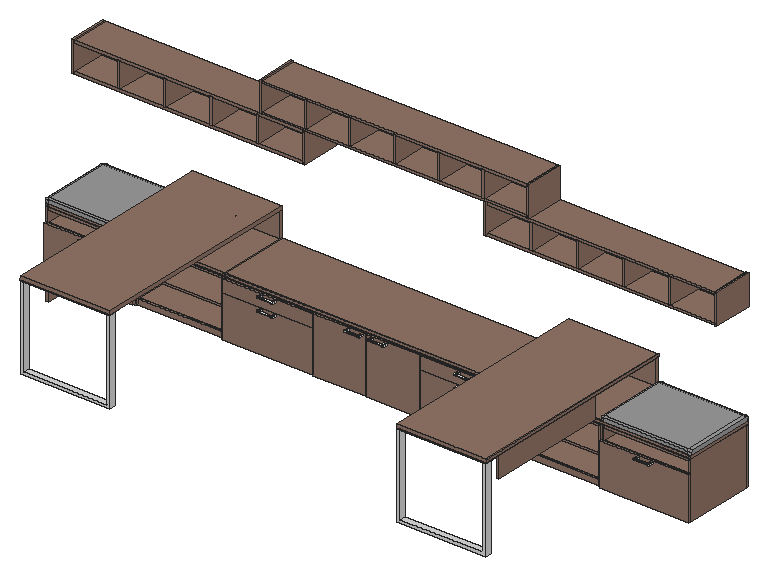
Revit family "JSI-Vision-Typical_Veneer-VSV111", category Furniture, Revit 2020
Family settings
  OmniClass Number = 23.40.20.00
  OmniClass Title = General Furniture and Specialties
  Work Plane-Based = No
  Always vertical = Yes
  Cut with Voids When Loaded = No
  Shared = No
  Room Calculation Point = No
Parameters (values of type "VSV111")
  URL = "www.jsifurniture.com"
  Type Comments = "Typical Veneer"  # constant formula
  Model = "VSV111"
  Manufacturer = "JSI"  # constant formula
  Keynote = "12500"
  Default Elevation = 0"
  Assembly Code = "E2020200"
Reference planes (in)
  plane 1 "Center Front/Back": y = 0
  plane 2: z = 0
  plane 3 "Center Left/Right": x = 0
Dimensions and locks (in)
  aligned and locked: level to plane 2
Nested families (in)
  nested 1: "JSI-Vision-Bench_Height_Cushion" at (-108, -0.00381, 0.5406), type "VSB2430CUSH, 24d Bench H Cushion, 30 W"
    with Width 30"
  nested 2: "JSI-Vision-Wall_Mount_Cubby" at (-108.125, 0.129, -7.85025), type "VSV1078WCU, Veneer Wall Mount Cubby 10" x 78""
    with Overall Height 72", Verticall Partition Distance 15.45", Ver. Partition Start Distance 15.45", Unit Centre 39", Width 78", Overhead Height 0.0684", Height 10.056", Depth 12.996", # of Vertical Partition 4
  nested 3: "JSI-Vision-Rectangle_Desk_Top" at (-48, 0, -1.6464) x (0, -1, 0) z (0, 0, 1), type "VSV3072MCT, Veneer Rectangular Desk Top, 30" x 72""
    with Width 72"
  nested 4: "JSI-Vision_Bench_Height_T_Sup" at (84.25163, -10.75, 20.0406), type "VSVB1030TSP, Veneer 30  Bench Height T Supports"
  nested 5: "JSI-Vision-Single Door_Modular_Bench_Pedestal" at (-18, -0.75, 0), type "VSVB2418MHL, Sngl Door Modular Bench Ped Left"
  nested 6: "JSI-Vision-Single Door_Modular_Bench_Pedestal" at (0, -0.75, 0), type "VSVB2418MHR, Sngl Door Modular Bench Ped Right"
  nested 7: "JSI-Vision-Box_File_Modular_Bench_Pedestal" at (-48, -0.75, 0), type "VSVB2430MBF - Veneer BF Modular Bench H Ped"
    with Width 30", Height 18.744", Depth 24"
  nested 8: "JSI-Vision-Open_Shelf_File_Modular_Bench_Pedestal" at (-108, -0.75, 0), type "VSVB2430MOF, Veneer OF Modular Bench H Ped"
    with Width 30", Height 18.744", Depth 24"
  nested 9: "JSI-Vision-Open_Shelf_Modular_Bench_Pedestal" at (-78, -0.75, 0), type "VSVB2430MOS, Veneer OS Modular Bench H Ped"
    with Width 30", Height 18.744", Depth 24"
  nested 10: "JSI-Vision-Bench_Height_Modular_Top" at (-108, 0, -0.6469), type "VSVB2460MT, Veneer Mod Bench H Top, 24" x 60""
    with Width 60", Depth 24"
  nested 11: "JSI-Vision-Bench_Height_Modular_Top" at (-48, 0, -0.756), type "VSVB2496MT, Veneer Mod Bench H Top, 24" x 96""
    with Width 96", Depth 24"
  nested 12: "JSI-Vision-Box_File_Modular_Bench_Pedestal" at (48, -0.75, 0) x (-1, 0, 0) z (0, 0, 1), type "VSVB2430MBF - Veneer BF Modular Bench H Ped"
    with Width 30", Height 18.744", Depth 24"
  nested 13: "JSI-Vision-Open_Shelf_File_Modular_Bench_Pedestal" at (108, -0.75, 0) x (-1, 0, 0) z (0, 0, 1), type "VSVB2430MOF, Veneer OF Modular Bench H Ped"
    with Width 30", Height 18.744", Depth 24"
  nested 14: "JSI-Vision-Open_Shelf_Modular_Bench_Pedestal" at (78, -0.75, 0) x (-1, 0, 0) z (0, 0, 1), type "VSVB2430MOS, Veneer OS Modular Bench H Ped"
    with Width 30", Height 18.744", Depth 24"
  nested 15: "JSI-Vision_Bench_Height_T_Sup" at (-84.25163, -10.75, 20.0406) x (-1, 0, 0) z (0, 0, 1), type "VSVB1030TSP, Veneer 30  Bench Height T Supports"
  nested 16: "JSI-Vision-Bench_Height_Modular_Top" at (108, 0, -0.6469) x (-1, 0, 0) z (0, 0, 1), type "VSVB2460MT, Veneer Mod Bench H Top, 24" x 60""
    with Width 60", Depth 24"
  nested 17: "JSI-Vision-Rectangle_Desk_Top" at (48, 0, -1.6464) x (0, -1, 0) z (0, 0, 1), type "VSV3072MCT, Veneer Rectangular Desk Top, 30" x 72""
    with Width 72"
  nested 18: "JSI-Vision-Bench_Height_Cushion" at (108, -0.00381, 0.5406) x (-1, 0, 0) z (0, 0, 1), type "VSB2430CUSH, 24d Bench H Cushion, 30 W"
    with Width 30"
  nested 19: "JSI-Vision-Wall_Mount_Cubby" at (108.125, 0.129, -7.85025) x (-1, 0, 0) z (0, 0, 1), type "VSV1078WCU, Veneer Wall Mount Cubby 10" x 78""
    with Overall Height 72", Verticall Partition Distance 15.45", Ver. Partition Start Distance 15.45", Unit Centre 39", Width 78", Overhead Height 0.0684", Height 10.056", Depth 12.996", # of Vertical Partition 4
  nested 20: "JSI-Vision-Wall_Mount_Cubby" at (-45.125, 0.129, 2.24425), type "VSV1090WCU, Veneer Wall Mount Cubby 10" x 90""
    with Overall Height 72", Verticall Partition Distance 14 7/8", Ver. Partition Start Distance 14 7/8", Unit Centre 45", Width 90", Overhead Height 0.066", Height 10.032", Depth 12.996", # of Vertical Partition 5
  nested 21: "JSI-Vision-Metal_Rectangular_Base" at (-48.09375, -71, 0) x (0, -1, 0) z (0, 0, 1), type "VSB3028FSQ, Metal Rectangular Base for Peninsula 28 5/16"H"
  nested 22: "JSI-Vision-Metal_Rectangular_Base" at (77.90625, -71, 0) x (0, -1, 0) z (0, 0, 1), type "VSB3028FSQ, Metal Rectangular Base for Peninsula 28 5/16"H"
  nested 23: "JSI-Vision-Support_Rail_Work_Surface" at (-71, -64.00599, 0.54138) x (0, 1, 0) z (0, 0, 1), type "GP0255SB, Metal Support Rail for Work Surface  2W 55 L 3/4H"
  nested 24: "JSI-Vision-Support_Rail_Work_Surface" at (-55, -64.00599, 0.54138) x (0, 1, 0) z (0, 0, 1), type "GP0255SB, Metal Support Rail for Work Surface  2W 55 L 3/4H"
  nested 25: "JSI-Vision-Support_Rail_Work_Surface" at (71, -64.00599, 0.54138) x (0, 1, 0) z (0, 0, 1), type "GP0255SB, Metal Support Rail for Work Surface  2W 55 L 3/4H"
  nested 26: "JSI-Vision-Support_Rail_Work_Surface" at (55, -64.00599, 0.54138) x (0, 1, 0) z (0, 0, 1), type "GP0255SB, Metal Support Rail for Work Surface  2W 55 L 3/4H"
  nested 27: "JSI-Vision-Adj_Bridge_Modesty" at (-75.75, -64.00599, -0.4589) x (0, 1, 0) z (0, 0, 1), type "VSV0940TDM, Modesty for Adj Bridge, 40"W"
  nested 28: "JSI-Vision-Adj_Bridge_Modesty" at (75.75, -64.00599, -0.4589) x (0, 1, 0) z (0, 0, 1), type "VSV0940TDM, Modesty for Adj Bridge, 40"W"
  nested 29: "JSI-Vision-Filler_Back_Panel_for_Bench_Height" at (-108, 0, 0), type "VSVB0419MBK, Filler Back Panel for Bench Height 18 3/4"H, 4"W"
    with Height 18 27/32"
  nested 30: "JSI-Vision-Filler_Back_Panel_for_Bench_Height" at (104, 0, 0), type "VSVB0419MBK, Filler Back Panel for Bench Height 18 3/4"H, 4"W"
    with Height 18 27/32"
Definition of nested family "JSI-Vision-Bench_Height_Cushion"
  Parameters (values of type "Type Catalog")
    Width = 36"
    URL = "www.jsifurniture.com"
    Type Comments = ""
    Series = "Vision Casegoods"  # constant formula
    Model = "Type Catalog"
    Material = ""
    Manufacturer = "JSI"  # constant formula
    Keynote = "12500"
    JSI Enviromental Website = "http://www.jsifurniture.com/jsi_sustainability_intro.php"
    Height = 1 1/2"
    Description = "Type Catalog"
    Depth = 24"
    Default Elevation = 0"
    Cushion Finish = none
    Bench Height = 19 1/2"
    Assembly Code = "E2020200"
  Reference planes (in)
    plane 1 "Center Front/Back": y = 0
    plane 2: z = 0
    plane 3 "Center Left/Right": x = 0
    plane 4: z = 0
    plane 5: z = 19.5
    plane 6: z = 21
    plane 7: z = 20.625
    plane 8: x = 36
    plane 9: y = -24
  Forms (in)
    Sweep 1, solid, material <- "Cushion Finish"
      path origin (7.5, 51.481, 49.125) x (0, 1, 0) y (0, 0, 1)
        loop
          line (-51.481, -29.625) -> (-51.481, -28.5625)
          arc (-51.481, -28.5625) -> (-51.60914, -28.25314) -> (-51.9185, -28.125) r 0.4375
          line (-51.9185, -28.125) -> (-75.0435, -28.125)
          arc (-75.0435, -28.125) -> (-75.35286, -28.25314) -> (-75.481, -28.5625) r 0.4375
          line (-75.481, -28.5625) -> (-75.481, -29.625)
      profile origin (7.5, -12, 21) x (0, 0, -1) y (1, 0, 0)
        loop
          line (0.375, -7.5) -> (0.375, 28.5)
          spline (0.375, 28.5) -> (0.32605, 28.49144) -> (0.27794, 28.46593) -> (0.23149, 28.42388) -> (0.1875, 28.36603) -> (0.14671, 28.29335) -> (0.10983, 28.20711) -> (0.07749, 28.10876) -> (0.05024, 28) -> (0.02855, 27.88268) -> (0.01278, 27.75882) -> (0.00321, 27.63053) -> (0, 27.5)
          line (0, 27.5) -> (0, -6.5)
          spline (0, -6.5) -> (0.00321, -6.63053) -> (0.01278, -6.75882) -> (0.02855, -6.88268) -> (0.05024, -7) -> (0.07749, -7.10876) -> (0.10983, -7.20711) -> (0.14671, -7.29335) -> (0.1875, -7.36603) -> (0.23149, -7.42388) -> (0.27794, -7.46593) -> (0.32605, -7.49144) -> (0.375, -7.5)
    Extrusion 2, solid, material <- "Cushion Finish"
      sketch origin (7.5, 51.481, 49.125) x (0, 1, 0) y (0, 0, 1)
        loop
          line (-51.856, -29.625) -> (-51.856, -28.5625)
          arc (-51.856, -28.5625) -> (-51.87431, -28.51831) -> (-51.9185, -28.5) r 0.0625
          line (-51.9185, -28.5) -> (-75.0435, -28.5)
          arc (-75.0435, -28.5) -> (-75.0877, -28.51831) -> (-75.106, -28.5625) r 0.0625
          line (-75.106, -28.5625) -> (-75.106, -29.625) -> (-51.856, -29.625)
      from -7.5 to 28.5
  Lines and regions (in)
    symbolic lines
      curve 1: line (36, -0.375, 0) -> (36, -23.625, 0)
      curve 2: line (35, -24, 0) -> (1, -24, 0)
      curve 3: spline (0, -23.625, 0) -> (0.00856, -23.67395, 0) -> (0.03407, -23.72206, 0) -> (0.07612, -23.76851, 0) -> (0.13397, -23.8125, 0) -> (0.20665, -23.85329, 0) -> (0.29289, -23.89017, 0) -> (0.39124, -23.92251, 0) -> (0.5, -23.94976, 0) -> (0.61732, -23.97145, 0) -> (0.74118, -23.98722, 0) -> (0.86947, -23.99679, 0) -> (1, -24, 0)
      curve 4: spline (36, -23.625, 0) -> (35.99144, -23.67395, 0) -> (35.96593, -23.72206, 0) -> (35.92388, -23.76851, 0) -> (35.86603, -23.8125, 0) -> (35.79335, -23.85329, 0) -> (35.70711, -23.89017, 0) -> (35.60876, -23.92251, 0) -> (35.5, -23.94976, 0) -> (35.38268, -23.97145, 0) -> (35.25882, -23.98722, 0) -> (35.13053, -23.99679, 0) -> (35, -24, 0)
      curve 5: line (1, 0, 0) -> (35, 0, 0)
      curve 6: spline (36, -0.375, 0) -> (35.99144, -0.32605, 0) -> (35.96593, -0.27794, 0) -> (35.92388, -0.23149, 0) -> (35.86603, -0.1875, 0) -> (35.79335, -0.14671, 0) -> (35.70711, -0.10983, 0) -> (35.60876, -0.07749, 0) -> (35.5, -0.05024, 0) -> (35.38268, -0.02855, 0) -> (35.25882, -0.01278, 0) -> (35.13053, -0.00321, 0) -> (35, 0, 0)
      curve 7: spline (0, -0.375, 0) -> (0.00856, -0.32605, 0) -> (0.03407, -0.27794, 0) -> (0.07612, -0.23149, 0) -> (0.13397, -0.1875, 0) -> (0.20665, -0.14671, 0) -> (0.29289, -0.10983, 0) -> (0.39124, -0.07749, 0) -> (0.5, -0.05024, 0) -> (0.61732, -0.02855, 0) -> (0.74118, -0.01278, 0) -> (0.86947, -0.00321, 0) -> (1, 0, 0)
      curve 8: line (0, -0.375, 0) -> (0, -23.625, 0)
  Dimensions and locks (in)
    "Height": plane 6 to plane 5
    locked: plane 7 to plane 5 at 1.125
    "Bench Height": plane 5 to level
    "Width": plane 3 "Center Left/Right" to plane 8
    "Depth": plane 1 "Center Front/Back" to plane 9
    locked: Sweep 1 sketch curve to plane 3 "Center Left/Right" at 1
    locked: Sweep 1 sketch curve to plane 8 at 1
    aligned and locked: level to plane 2
    aligned and locked: level to plane 4
    aligned and locked: Sweep 1 to plane 5
    aligned and locked: Extrusion 2 to Sweep 1  (x3)
    aligned and locked: Extrusion 2 to plane 3 "Center Left/Right"
    aligned and locked: Extrusion 2 to plane 8
    aligned and locked: plane 1 "Center Front/Back" to Sweep 1 sketch curve
    aligned and locked: plane 9 to Sweep 1 sketch curve
    aligned and locked: Sweep 1 sketch curve to plane 6
  Automatic sketch dimensions
    Sweep 1 sketch curve to plane 5 = 0"  (x2)
    Sweep 1 sketch curve to plane 7 = 1/16"
    plane 1 "Center Front/Back" to Sweep 1 sketch curve = 7/16"
    Sweep 1 sketch curve to profile plane = 0"
    Sweep 1 sketch curve to profile plane = 3/8"
    Sweep 1 sketch curve to Sweep 1 sketch curve = 1"  (x2)
    Extrusion 2 sketch curve to plane 5 = 0"
    Extrusion 2 sketch curve to plane 7 = 0"
    plane 9 to Extrusion 2 sketch curve = 3/8"
    Extrusion 2 sketch curve to plane 7 = 1/16"
    plane 1 "Center Front/Back" to Extrusion 2 sketch curve = 7/16"
    plane 1 "Center Front/Back" to Extrusion 2 sketch curve = 3/8"
    curve 3 to plane 3 "Center Left/Right" = 0"
    curve 3 to plane 9 = 0"
    plane 1 "Center Front/Back" to curve 7 = 0"
    curve 4 to plane 8 = 0"
    plane 3 "Center Left/Right" to curve 2 = 1"
    plane 3 "Center Left/Right" to curve 5 = 1"
    plane 8 to curve 5 = 1"
    plane 8 to curve 2 = 1"
    plane 9 to curve 1 = 3/8"
    plane 1 "Center Front/Back" to curve 1 = 3/8"
    plane 9 to curve 3 = 3/8"
    plane 1 "Center Front/Back" to curve 8 = 3/8"
Definition of nested family "JSI-Vision-Wall_Mount_Cubby"
  Parameters (values of type "Type Catalog")
    Verticall Partition Distance = if(Width > 47", ((Width - 3/4" - 3/4" - (# of Vertical Partition * 3/4")) / (# of Vertical Partition + 1) + 3/4"), 0")  # 17 3/4"
    Ver. Partition Start Distance = if(Width < 48", (Unit Centre - 3/8"), Verticall Partition Distance)  # 17 3/4"
    Unit Centre = Width / 2  # 27"
    Width = 54"
    URL = "www.jsifurniture.com"
    Type Comments = ""
    Tag = "Open"
    Series = "Vision Casegoods"  # constant formula
    Overhead Height = 1/16"
    Overall Height [instance] = 72"
    Model = "Type Catalog"
    Material = ""
    Manufacturer = "JSI"  # constant formula
    Keynote = "12500"
    JSI Enviromental Website = "http://www.svxfurniture.com/svx_sustainability_intro.php"
    Height = 10"
    Description = "Type Catalog"
    Depth = 13"
    Default Elevation = 0"
    Chassis = none
    Assembly Code = "E2020200"
    # of Vertical Partition = if(Width > 89", 5, (if(Width > 77", 4, (if(Width > 59", 3, (if(Width > 47", 2, 2)))))))  # 2
  Reference planes (in)
    plane 1 "Center Front/Back": y = 0
    plane 2: z = 0
    plane 3 "Center Left/Right": x = 0
    plane 4: z = 0
    plane 5: y = -0.125
    plane 6: x = 54.25
    plane 7: x = 0.125
    plane 8: x = 54.125
    plane 9: y = -13.21875
    plane 10: z = 72
    plane 11: x = 0.875
    plane 12: x = 53.375
    plane 13: y = -0.9375
    plane 14: y = -1.6875
    plane 15: z = 71.1875
    plane 16: z = 61.9375
    plane 17: z = 62.6875
    plane 18: z = 61.90625
    plane 19: z = 66
    plane 20: z = 68.1875
    plane 21: z = 69
    plane 22: x = 1.5
    plane 23: x = 52.75
    plane 24: y = -13.125
    plane 25: x = 27.125
    plane 26: z = 71.9375
    plane 27: z = 71.90625
    plane 28: x = 17.875
    plane 29: x = 18.25
    plane 30: x = 18.625
    plane 31: x = 0.5
    plane 32: x = 53.75
  Forms (in)
    Extrusion 1, solid, material <- "Chassis"
      sketch origin (0, 0, 0) x (1, 0, 0) y (0, 1, 0)
        loop
          line (0.125, -0.125) -> (0.125, -13.21875) -> (0.875, -13.21875) -> (0.875, -0.125) -> (0.125, -0.125)
      from 61.90625 to 72
    Extrusion 2, solid, material <- "Chassis"
      sketch origin (0, 0, 0) x (1, 0, 0) y (0, 1, 0)
        loop
          line (54.125, -0.125) -> (53.375, -0.125) -> (53.375, -13.21875) -> (54.125, -13.21875) -> (54.125, -0.125)
      from 61.90625 to 72
    Extrusion 3, solid, material <- "Chassis"
      sketch origin (0, 0, 0) x (1, 0, 0) y (0, 0, 1)
        loop
          line (0.875, 71.9375) -> (0.875, 71.1875) -> (53.375, 71.1875) -> (53.375, 71.9375) -> (0.875, 71.9375)
      from 0.125 to 13.125
    Extrusion 4, solid, material <- "Chassis"
      sketch origin (0, 0, 0) x (1, 0, 0) y (0, 0, 1)
        loop
          line (0.875, 62.6875) -> (0.875, 61.9375) -> (53.375, 61.9375) -> (53.375, 62.6875) -> (0.875, 62.6875)
      from 1.6875 to 13.125
    Extrusion 5, solid, material <- "Chassis"
      sketch origin (130.61992, -0.9375, 48) x (1, 0, 0) y (0, 0, 1)
        loop
          line (-129.74492, 23.1875) -> (-129.74492, 13.9375) -> (-77.24492, 13.9375) -> (-77.24492, 23.1875) -> (-129.74492, 23.1875)
      from 0 to 0.75
    Extrusion 6, solid, material <- "Chassis"
      sketch origin (1.5, -180, 96) x (0, 0, 1) y (0, -1, 0)
        loop
          line (-24.8125, -179.875) -> (-24.8125, -179.0625) -> (-27, -179.0625) -> (-27.8125, -179.875) -> (-24.8125, -179.875)
      from -0.625 to 51.875
    Extrusion 7, solid, material <- "Chassis"
      sketch origin (1.5, -180, 96) x (0, 0, 1) y (0, -1, 0)
        loop
          line (-27, -179.0625) -> (-30, -179.0625) -> (-30, -179.875) -> (-27.8125, -179.875) -> (-27, -179.0625)
      from 0 to 51.25
    Extrusion 8, solid, material <- "Chassis"
      sketch origin (136.18242, -1.6875, 79.90625) x (1, 0, 0) y (0, 0, 1)
        loop
          line (-118.30742, -8.71875) -> (-118.30742, -17.21875) -> (-117.55742, -17.21875) -> (-117.55742, -8.71875) -> (-118.30742, -8.71875)
      from 0 to 11.4375
    Extrusion 9, solid, material <- "Chassis"
      sketch origin (153.93242, -1.6875, 79.90625) x (1, 0, 0) y (0, 0, 1)
        loop
          line (-118.30742, -8.71875) -> (-118.30742, -17.21875) -> (-117.55742, -17.21875) -> (-117.55742, -8.71875) -> (-118.30742, -8.71875)
      from 0 to 11.4375
  Lines and regions (in)
    symbolic lines
      curve 1: line (54.125, -0.125, 0) -> (0.125, -0.125, 0)
      curve 2: line (0.125, -0.125, 0) -> (0.125, -13.21875, 0)
      curve 3: line (54.125, -13.21875, 0) -> (54.125, -0.125, 0)
      curve 4: line (0.125, -13.21875, 0) -> (54.125, -13.21875, 0)
  Dimensions and locks (in)
    locked: plane 3 "Center Left/Right" to plane 7 at 0.125
    locked: plane 8 to plane 6 at 0.125
    locked: plane 5 to plane 1 "Center Front/Back" at 0.125
    locked: plane 7 to plane 11 at 0.75
    locked: plane 12 to plane 8 at 0.75
    plane 14 to plane 13 to plane 5 = 3/4" locked, 13/16" locked
    plane 10 to plane 26 to plane 15 = 1/16" locked, 3/4" locked
    plane 17 to plane 16 to plane 18 = 3/4" locked, 1/32" locked
    locked: plane 11 to plane 22 at 0.625
    locked: plane 23 to plane 12 at 0.625
    plane 15 to plane 21 to plane 20 to plane 19 = 2 3/16" locked, 13/16" locked, 2 3/16" locked
    locked: plane 9 to plane 24 at 0.09375
    "Depth": plane 24 to plane 5
    "Width": plane 7 to plane 8
    "Unit Centre": plane 7 to plane 25
    locked: plane 10 to plane 27 at 0.09375
    "Height": plane 27 to plane 18
    plane 28 to plane 29 to plane 30 = 3/8" locked, 3/8" locked
    locked: plane 7 to plane 31 at 0.375
    locked: plane 32 to plane 8 at 0.375
    group 1 to group 2 = 17 3/4"
    group 1 to group 2 = 0"  (x2)
    "Verticall Partition Distance": Extrusion 8 to Extrusion 9
    "Ver. Partition Start Distance": plane 11 to plane 30
    "Overall Height": plane 10 to level
    aligned and locked: level to plane 2
    aligned and locked: plane 5 to Extrusion 1 sketch curve
    aligned and locked: plane 7 to Extrusion 1 sketch curve
    aligned and locked: Extrusion 1 sketch curve to plane 11
    aligned and locked: Extrusion 2 sketch curve to plane 5
    aligned and locked: plane 8 to Extrusion 2 sketch curve
    aligned and locked: Extrusion 2 sketch curve to plane 12
    aligned and locked: plane 9 to Extrusion 1
    aligned and locked: plane 9 to Extrusion 2
    aligned and locked: Extrusion 4 sketch curve to plane 17
    aligned and locked: plane 11 to Extrusion 4 sketch curve
    aligned and locked: plane 16 to Extrusion 4 sketch curve
    aligned and locked: Extrusion 4 sketch curve to plane 12
    aligned and locked: Extrusion 4 to plane 14
    aligned and locked: Extrusion 1 to Extrusion 5 sketch curve
    aligned and locked: Extrusion 2 to Extrusion 5 sketch curve
    aligned and locked: Extrusion 1 to plane 18
    aligned and locked: Extrusion 2 to plane 18
    aligned and locked: plane 5 to Extrusion 6 sketch curve
    aligned and locked: Extrusion 6 sketch curve to plane 13
    aligned and locked: Extrusion 6 sketch curve to plane 15
    aligned and locked: plane 20 to Extrusion 6 sketch curve
    aligned and locked: plane 21 to Extrusion 6 sketch curve
    aligned and locked: Extrusion 6 to plane 11
    aligned and locked: plane 12 to Extrusion 6
    aligned and locked: Extrusion 7 sketch curve to Extrusion 6
    aligned and locked: Extrusion 7 sketch curve to plane 5
    aligned and locked: plane 13 to Extrusion 7 sketch curve
    aligned and locked: Extrusion 7 sketch curve to plane 19
    aligned and locked: plane 21 to Extrusion 7 sketch curve
    aligned and locked: plane 20 to Extrusion 7 sketch curve
    aligned and locked: Extrusion 7 to plane 22
    aligned and locked: plane 23 to Extrusion 7
    aligned and locked: plane 9 to nested 1
    aligned and locked: plane 10 to Extrusion 1
    aligned and locked: plane 10 to Extrusion 2
    aligned and locked: plane 26 to Extrusion 3
    aligned and locked: Extrusion 3 to plane 15
    aligned and locked: plane 24 to Extrusion 3
    aligned and locked: plane 24 to Extrusion 4
    aligned and locked: Extrusion 5 to plane 16
    aligned and locked: Extrusion 3 to plane 5
    aligned and locked: Extrusion 8 to plane 14
    aligned and locked: plane 24 to Extrusion 8
    aligned and locked: plane 30 to Extrusion 8
    aligned and locked: Extrusion 8 to plane 28
    aligned and locked: plane 15 to Extrusion 8
    aligned and locked: plane 15 to Extrusion 9
    aligned and locked: plane 25 to nested 1
  Automatic sketch dimensions
    Extrusion 3 sketch curve to plane 8 = 3/4"
    Extrusion 3 sketch curve to plane 15 = 0"
    plane 9 to Extrusion 2 sketch curve = 0"
    plane 9 to Extrusion 1 sketch curve = 0"
    curve 2 to plane 7 = 0"
    plane 5 to curve 3 = 0"
    curve 3 to plane 8 = 0"
    plane 9 to curve 4 = 0"
    plane 7 to Extrusion 3 sketch curve = 3/4"
    plane 15 to Extrusion 5 sketch curve = 0"
    Extrusion 3 sketch curve to plane 10 = 1/16"
    Extrusion 8 sketch curve to Extrusion 8 sketch curve = 3/4"
    Extrusion 8 sketch curve to Extrusion 8 sketch curve = 8 1/2"
    Extrusion 9 sketch curve to Extrusion 9 sketch curve = 3/4"
    Extrusion 9 sketch curve to Extrusion 9 sketch curve = 8 1/2"
    Extrusion 5 sketch curve to plane 16 = 0"
  Nested families (in)
    nested 1: "Label 1-16 OH" at (27.125, -13.21875, 0), type "OH DOORS"
  Definition of nested family "Label 1-16 OH"
    Parameters
      Width = 1"
      Model Name = "XX"
    Reference planes (in)
      plane 1: y = 0
      plane 2: x = 0
    Text (in)
      label "XX" at (0.00051, -0.12324, 0), shows "Model Name"
Definition of nested family "JSI-Vision-Rectangle_Desk_Top"
  Parameters (values of type "Type Catalog")
    Worksurface = none
    Width = 42"
    URL = "www.jsifurniture.com"
    Type Comments = ""
    Series = "Vision Casegoods"  # constant formula
    Model = "Type Catalog"
    Material = ""
    Manufacturer = "JSI"  # constant formula
    Keynote = "12500"
    JSI Enviromental Website = "http://www.jsifurniture.com/jsi_sustainability_intro.php"
    Height = 30"
    Description = "Type Catalog"
    Depth = 30"
    Default Elevation = 0"
    Assembly Code = "E2020200"
  Reference planes (in)
    plane 1 "Center Front/Back": y = 0
    plane 2: z = 0
    plane 3 "Center Left/Right": x = 0
    plane 4: z = 0
    plane 5: x = 42
    plane 6: y = -30
    plane 7: z = 31.1875
    plane 8: z = 30
  Forms (in)
    Extrusion 1, solid, material <- "Worksurface"
      sketch origin (0, 0, 28) x (0, 1, 0) y (0, 0, 1)
        loop
          line (-29.88189, 2) -> (0, 2) -> (0, 3.1875) -> (-29.88189, 3.1875)
          arc (-29.88189, 3.1875) -> (-29.96541, 3.15291) -> (-30, 3.06939) r 0.11811
          line (-30, 3.06939) -> (-30, 2.11811)
          arc (-30, 2.11811) -> (-29.96541, 2.03459) -> (-29.88189, 2) r 0.11811
      from 0 to 42
  Lines and regions (in)
    symbolic lines
      curve 1: line (0, 0, 0) -> (42, 0, 0)
      curve 2: line (0, -30, 0) -> (0, 0, 0)
      curve 3: line (42, -30, 0) -> (0, -30, 0)
      curve 4: line (42, 0, 0) -> (42, -30, 0)
  Dimensions and locks (in)
    "Depth": plane 6 to plane 1 "Center Front/Back"
    "Width": plane 5 to plane 3 "Center Left/Right"
    locked: plane 7 to plane 8 at 1.1875
    "Height": plane 8 to level
    aligned and locked: level to plane 2
    aligned and locked: plane 5 to Extrusion 1
    aligned and locked: curve 1 to Extrusion 1
    aligned and locked: curve 2 to Extrusion 1
    aligned and locked: plane 6 to curve 3
    aligned and locked: curve 4 to plane 5
    aligned and locked: Extrusion 1 to plane 8
    aligned and locked: Extrusion 1 to plane 7
  Automatic sketch dimensions
    Extrusion 1 sketch curve to plane 6 = 0"
    level to Extrusion 1 sketch curve = 30"
    Extrusion 1 sketch curve to plane 7 = 0"
    Extrusion 1 sketch curve to plane 1 "Center Front/Back" = 0"
    Extrusion 1 sketch curve to Extrusion 1 sketch curve = 0.11811"
    plane 6 to Extrusion 1 sketch curve = 0.11811"
Definition of nested family "JSI-Vision_Bench_Height_T_Sup"
  Parameters (values of type "VSTB1030TSP, Laminate 30  Bench Height T Supports")
    Default Elevation = 0"
    Chassis = none
    Width = 29 5/8"
    URL = "www.jsifurniture.com"
    Type Comments = ""
    Series = "Vision Casegoods"  # constant formula
    Model = "VSTB1030TSP"
    Material = ""
    Manufacturer = "JSI"  # constant formula
    Keynote = "12500"
    JSI Enviromental Website = "http://www.jsifurniture.com/jsi_sustainability_intro.php"
    Height = 8.313"
    Grommet Finish = none
    Description = "Bench Height T Supports, 30\" Width, Laminate"
    Depth = 9 3/4"
    Assembly Code = "E2020200"
  Reference planes (in)
    plane 1: z = 0
    plane 2 "Center (Left/Right)": x = -36.06413
    plane 3: z = 8.313
    plane 4: y = 1
    plane 5 "Center (Front/Back)": y = 10.75
    plane 6: x = -21.25163
    plane 7: x = -6.43913
    plane 8: y = 10
    plane 9: y = 8
    plane 10: x = -20.87663
    plane 11: x = -21.62663
  Forms (in)
    Extrusion 1, solid, material <- "Chassis"
      sketch origin (0, 10.75, 0) x (1, 0, 0) y (0, 0, 1)
        loop
          line (-36.06413, 8.313) -> (-36.06413, 0) -> (-6.43913, 0) -> (-6.43913, 8.313) -> (-20.98002, 8.313) -> (-36.06413, 8.313)
      from 0 to 0.75
    Extrusion 2, solid, material <- "Chassis"
      sketch origin (-36.06413, 0, 0) x (0, 1, 0) y (0, 0, 1)
        loop
          line (10, 8.313) -> (1, 8.313) -> (1, 0) -> (10, 0) -> (10, 8.313)
      from 14.4375 to 15.1875
  Lines and regions (in)
    symbolic lines
      curve 1: line (-6.43913, 10.75, 0) -> (-36.06413, 10.75, 0)
      curve 2: line (-36.06413, 10.75, 0) -> (-36.06413, 10, 0)
      curve 3: line (-36.06413, 10, 0) -> (-6.43913, 10, 0)
      curve 4: line (-6.43913, 10, 0) -> (-6.43913, 10.75, 0)
      curve 5: line (-21.62663, 10, 0) -> (-21.62663, 1, 0)
      curve 6: line (-20.87663, 1, 0) -> (-20.87663, 10, 0)
      curve 7: line (-21.62663, 1, 0) -> (-20.87663, 1, 0)
  Dimensions and locks (in)
    "Height": plane 3 to level
    "Depth": plane 5 "Center (Front/Back)" to plane 4
    equal spacing: plane 2 "Center (Left/Right)", plane 6, plane 7
    "Width": plane 2 "Center (Left/Right)" to plane 7
    locked: plane 5 "Center (Front/Back)" to plane 8 at 0.75
    locked: plane 5 "Center (Front/Back)" to plane 9 at 2.75
    plane 10 to plane 6 to plane 11 = 3/8" locked, 3/8" locked
    aligned and locked: level to plane 1
    aligned and locked: plane 3 to Extrusion 1 sketch curve
    aligned and locked: Extrusion 1 sketch curve to plane 3
    aligned and locked: Extrusion 1 sketch curve to plane 2 "Center (Left/Right)"
    aligned and locked: Extrusion 1 sketch curve to plane 7
    aligned and locked: Extrusion 1 sketch curve to level
    aligned and locked: Extrusion 1 to plane 8
    aligned and locked: Extrusion 1 to plane 5 "Center (Front/Back)"
    aligned and locked: Extrusion 2 sketch curve to plane 8
    aligned and locked: Extrusion 2 sketch curve to plane 3
    aligned and locked: plane 4 to Extrusion 2 sketch curve
    aligned and locked: level to Extrusion 2 sketch curve
    aligned and locked: plane 10 to Extrusion 2
    aligned and locked: Extrusion 2 to plane 11
    aligned and locked: curve 1 to Extrusion 1
    aligned and locked: curve 2 to Extrusion 1
    aligned and locked: curve 3 to Extrusion 1
    aligned and locked: curve 4 to Extrusion 1
    aligned and locked: curve 5 to Extrusion 2
    aligned and locked: curve 6 to Extrusion 2
    aligned and locked: curve 7 to Extrusion 2
  Automatic sketch dimensions
    curve 1 to plane 2 "Center (Left/Right)" = 0"
    plane 5 "Center (Front/Back)" to curve 1 = 0"
    curve 1 to plane 7 = 0"
    curve 2 to plane 8 = 0"
    curve 5 to plane 11 = 0"
    curve 6 to plane 4 = 0"
    curve 6 to plane 10 = 0"
    Extrusion 1 sketch curve to plane 10 = 0.10339"
Definition of nested family "JSI-Vision-Single Door_Modular_Bench_Pedestal"
  Parameters (values of type "Type Catalog")
    Width = 18"
    URL = "www.jsifurniture.com"
    Top = none
    Tag = "DOOR"
    Series = "Vision Casegoods"  # constant formula
    Pull Finish = none
    Model = "Type Catalog"
    Manufacturer = "JSI"  # constant formula
    Keynote = "12500"
    JSI Enviromental Website = "http://www.jsifurniture.com/jsi_sustainability_intro.php"
    Hinge = 14"
    Height = 18 3/4"
    Description = "Type Catalog"
    Depth = 18"
    Default Elevation = 0"
    Chassis = none
    Drawer Front = none
    Assembly Code = "E2020200"
  Reference planes (in)
    plane 1 "Center Front/Back": y = 0
    plane 2: z = 0
    plane 3 "Center Left/Right": x = 0
    plane 4: x = 18
    plane 5: y = -17.12
    plane 6: y = -17.25
    plane 7: x = 0.18716
    plane 8: x = 17.81244
    plane 9: y = -18
    plane 10: x = 0.75
    plane 11: x = 17.126
    plane 12: y = -0.8125
    plane 13: y = -16.37913
    plane 14: z = 18
    plane 15: x = 14
    plane 16: z = 18.8591
    plane 17: z = 18.75
    plane 18: z = 18.1091
  Forms (in)
    Extrusion 1, solid, material <- "Chassis"
      sketch origin (0.125, -0.1875, 48) x (0, 1, 0) y (0, 0, 1)
        loop
          line (0.1875, -29.1409) -> (-16.9325, -29.1409) -> (-16.9325, -48) -> (0.1875, -48) -> (0.1875, -29.1409)
      from -0.125 to 0.625
    Extrusion 2, solid, material <- "Chassis"
      sketch origin (29.875, -0.1875, 48) x (0, 1, 0) y (0, 0, 1)
        loop
          line (0.1875, -29.1409) -> (-16.9325, -29.1409) -> (-16.9325, -48) -> (0.1875, -48) -> (0.1875, -29.1409)
      from -12.749 to -11.875
    Extrusion 3, solid, material <- "Drawer Front"
      sketch origin (0, 0, 0) x (1, 0, 0) y (0, 0, 1)
        loop
          line (0.18716, 18.75) -> (0.18716, 0.125) -> (17.81244, 0.125) -> (17.81244, 18.75) -> (0.18716, 18.75)
      from 17.25 to 18
    Extrusion 4, solid, material <- "Chassis"
      sketch origin (0, 0, 0) x (1, 0, 0) y (0, 1, 0)
        loop
          line (0.75, -16.37913) -> (0.75, -17.12) -> (17.126, -17.12) -> (17.126, -16.37913) -> (0.75, -16.37913)
      from 0 to 1.9375
    Extrusion 5, solid, material <- "Top"
      sketch origin (0, 0, 0) x (0, 1, 0) y (0, 0, 1)
        loop
          line (0, 18.1091) -> (0, 18.8591) -> (-17.12, 18.8591) -> (-17.12, 18.1091) -> (0, 18.1091)
      from 0.75 to 17.126
    Extrusion 6, solid, material <- "Chassis"
      sketch origin (0, 0, 0) x (0, 1, 0) y (0, 0, 1)
        loop
          line (-16.37913, 1.1875) -> (0, 1.1875) -> (0, 1.9375) -> (-16.37913, 1.9375) -> (-16.37913, 1.1875)
      from 0.75 to 17.126
    Extrusion 7, solid, material <- "Drawer Front"
      sketch origin (0, 0, 0) x (0, 1, 0) y (0, 0, 1)
        loop
          line (-16.5625, 9.58219) -> (-0.25, 9.58219) -> (-0.25, 10.33219) -> (-16.5625, 10.33219) -> (-16.5625, 9.58219)
      from 0.75 to 17.126
    Extrusion 8, solid, material <- "Chassis"
      sketch origin (0, 0, 0) x (0, 1, 0) y (0, 0, 1)
        loop
          line (0, 18.1091) -> (-0.25, 18.1091) -> (-0.25, 1.9375) -> (0, 1.9375) -> (0, 18.1091)
      from 0.75 to 17.126
  Lines and regions (in)
    symbolic lines
      curve 1: line (0, 0, 0) -> (18, 0, 0)
      curve 2: line (0, -17.12, 0) -> (0, 0, 0)
      curve 3: line (18, -17.12, 0) -> (0, -17.12, 0)
      curve 4: line (18, 0, 0) -> (18, -17.12, 0)
      curve 5: line (0.18716, -17.25, 0) -> (17.81244, -17.25, 0)
      curve 6: line (0.18716, -18, 0) -> (0.18716, -17.25, 0)
      curve 7: line (17.81244, -18, 0) -> (0.18716, -18, 0)
      curve 8: line (17.81244, -17.25, 0) -> (17.81244, -18, 0)
    symbolic lines, detail levels medium+fine
      curve 9: line (0.75, -17.12, 0) -> (0.75, 0, 0)
      curve 10: line (17.126, -17.12, 0) -> (17.126, 0, 0)
  Dimensions and locks (in)
    plane 13 to plane 5 to plane 6 to plane 9 = 0.74087" locked, 0.13" locked, 3/4" locked
    "Depth": plane 1 "Center Front/Back" to plane 9
    locked: plane 17 to plane 16 at 0.1091
    locked: plane 17 to plane 14 at 0.75
    plane 11 to plane 8 to plane 4 = 0.68644" locked, 0.18756" locked
    plane 3 "Center Left/Right" to plane 7 to plane 10 = 0.18716" locked, 0.56284" locked
    "Width": plane 3 "Center Left/Right" to plane 4
    locked: plane 1 "Center Front/Back" to plane 12 at 0.8125
    "Hinge": plane 3 "Center Left/Right" to plane 15
    locked: plane 16 to plane 18 at 0.75
    "Height": level to plane 17
    plane 2 to Extrusion 6 sketch curve to Extrusion 6 sketch curve = 1 3/16" locked, 3/4" locked
    locked: plane 13 to Extrusion 7 sketch curve at 0.18337
    plane 2 to Extrusion 7 sketch curve to Extrusion 7 sketch curve = 9.58219" locked, 3/4" locked
    locked: plane 1 "Center Front/Back" to Extrusion 8 sketch curve at 0.25
    aligned and locked: level to plane 2
    aligned and locked: Extrusion 1 sketch curve to plane 5
    aligned and locked: Extrusion 1 sketch curve to level
    aligned and locked: level to Extrusion 2 sketch curve
    aligned and locked: plane 5 to Extrusion 2 sketch curve
    aligned and locked: Extrusion 3 sketch curve to plane 7
    aligned and locked: plane 8 to Extrusion 3 sketch curve
    aligned and locked: Extrusion 3 to plane 9
    aligned and locked: plane 6 to Extrusion 3
    aligned and locked: Extrusion 4 sketch curve to plane 13
    aligned and locked: plane 10 to Extrusion 4 sketch curve
    aligned and locked: nested 1 to plane 9
    aligned and locked: plane 14 to nested 1
    aligned and locked: nested 1 to plane 15
    aligned and locked: plane 15 to nested 2
    aligned and locked: nested 2 to plane 9
    aligned and locked: plane 17 to Extrusion 3 sketch curve
    aligned and locked: plane 3 "Center Left/Right" to curve 2
    aligned and locked: plane 1 "Center Front/Back" to curve 1
    aligned and locked: curve 4 to plane 4
    aligned and locked: Extrusion 5 to plane 5
    aligned and locked: plane 16 to Extrusion 5
    aligned and locked: Extrusion 5 to plane 18
    aligned and locked: Extrusion 5 to plane 10
    aligned and locked: plane 11 to Extrusion 5
    aligned and locked: plane 13 to Extrusion 6 sketch curve
    aligned and locked: Extrusion 7 to plane 10
    aligned and locked: plane 11 to Extrusion 7
    aligned and locked: Extrusion 2 to plane 1 "Center Front/Back"
    aligned and locked: Extrusion 1 to plane 1 "Center Front/Back"
    aligned and locked: Extrusion 6 to plane 1 "Center Front/Back"
    aligned and locked: Extrusion 5 to plane 1 "Center Front/Back"
    aligned and locked: plane 1 "Center Front/Back" to Extrusion 8 sketch curve
    aligned and locked: Extrusion 6 to Extrusion 8 sketch curve
    aligned and locked: Extrusion 8 sketch curve to plane 18
    aligned and locked: Extrusion 8 to plane 10
    aligned and locked: plane 11 to Extrusion 8
    aligned and locked: Extrusion 7 sketch curve to Extrusion 8
    aligned and locked: curve 9 to Extrusion 1
    aligned and locked: curve 10 to Extrusion 2
  Automatic sketch dimensions
    Extrusion 4 sketch curve to plane 5 = 0"
    Extrusion 4 sketch curve to plane 11 = 0"
    plane 9 to Extrusion 5 sketch curve = 0.88"
    Extrusion 5 sketch curve to plane 16 = 3/4"
    plane 1 "Center Front/Back" to Extrusion 5 sketch curve = 0"
    Extrusion 1 sketch curve to plane 16 = 0"
    Extrusion 2 sketch curve to plane 16 = 0"
    plane 16 to Extrusion 5 sketch curve = 0"
    level to Extrusion 3 sketch curve = 1/8"
    plane 12 to Extrusion 1 sketch curve = 13/16"
    plane 12 to Extrusion 2 sketch curve = 13/16"
    plane 12 to Extrusion 6 sketch curve = 13/16"
    curve 6 to plane 6 = 0"
    curve 6 to plane 7 = 0"
    curve 10 to plane 5 = 0"
    curve 7 to plane 8 = 0"
    curve 8 to plane 9 = 0"
  Nested families (in)
    nested 1: "Bar Pull" at (14, -18, 18), Pull Finish <- "Pull Finish", type "PL"
      with Pull Finish none
    nested 2: "Label 1-16" at (14, -18, 0), type "DRWCFG"
  Definition of nested family "Bar Pull"
    Parameters
      Pull Finish [instance] = none
      Default Elevation = 0"
    Reference planes (in)
      plane 1 "Center Front/Back": y = 0
      plane 2: z = 0
      plane 3 "Center Left/Right": x = 0
      plane 4: x = -2.68731
      plane 5: x = -1.88731
      plane 6: x = 2.68731
      plane 7: x = 1.88731
      plane 8: y = -1
      plane 9: y = -0.85202
    Forms (in)
      Extrusion 1, solid, material <- "Pull Finish"
        sketch origin (0, 0, 0) x (0, 1, 0) y (0, 0, 1)
          loop
            line (0, -0.2015) -> (0, 0.2015) -> (-0.85202, 0.2015)
            arc (-0.85202, 0.2015) -> (-0.75, 0) -> (-0.85202, -0.2015) r 0.25
            line (-0.85202, -0.2015) -> (0, -0.2015)
        from 1.88731 to 2.68731
      Extrusion 2, solid, material <- "Pull Finish"
        sketch origin (0, 0, 0) x (0, 1, 0) y (0, 0, 1)
          loop
            circle (-1, 0) r 0.25
        from -2.68731 to 2.68731
      Extrusion 3, solid, material <- "Pull Finish"
        sketch origin (0, 0, 0) x (0, 1, 0) y (0, 0, -1)
          loop
            line (0, 0.2015) -> (-0.85202, 0.2015)
            arc (-0.85202, 0.2015) -> (-0.75, 0) -> (-0.85202, -0.2015) r 0.25
            line (-0.85202, -0.2015) -> (0, -0.2015) -> (0, 0.2015)
        from 1.88731 to 2.68731
    Dimensions and locks (in)
      plane 4 to plane 5 to plane 3 "Center Left/Right" to plane 7 to plane 6 = 0.8" locked, 1.88731" locked, 1.88731" locked, 0.8" locked
      plane 8 to plane 9 to plane 1 "Center Front/Back" = 0.14798" locked, 0.85202" locked
      aligned and locked: level to plane 2
      aligned and locked: plane 4 to Extrusion 3
      aligned and locked: Extrusion 3 to plane 5
      aligned and locked: plane 4 to Extrusion 2
      aligned and locked: Extrusion 1 to plane 7
      aligned and locked: plane 6 to Extrusion 1
      aligned and locked: plane 6 to Extrusion 2
      aligned and locked: plane 8 to Extrusion 2 sketch curve
      aligned and locked: Extrusion 3 to plane 1 "Center Front/Back"
      aligned and locked: Extrusion 1 to plane 1 "Center Front/Back"
      aligned and locked: plane 5 to Extrusion 3
      aligned and locked: Extrusion 3 to plane 4
      aligned and locked: Extrusion 2 to plane 4
      aligned and locked: plane 7 to Extrusion 1
      aligned and locked: Extrusion 1 to plane 6
      aligned and locked: Extrusion 2 to plane 6
  Definition of nested family "Label 1-16"
    Parameters
      Width = 1"
      Model Name = "DOOR"
    Reference planes (in)
      plane 1: y = 0
      plane 2: x = 0
    Text (in)
      label "XX" at (0.00051, -0.12324, 0), shows "Model Name"
Definition of nested family "JSI-Vision-Box_File_Modular_Bench_Pedestal"
  Parameters (values of type "Type Catalog")
    Width = 18"
    URL = "www.jsifurniture.com"
    Top = none
    Tag = "BF"
    Series = "Vision Casegoods"  # constant formula
    Pull Finish = none
    Model = "Type Catalog"
    Manufacturer = "JSI"  # constant formula
    Keynote = "12500"
    JSI Enviromental Website = "http://www.jsifurniture.com/jsi_sustainability_intro.php"
    Height = 18 3/4"
    Description = "Type Catalog"
    Depth = 18"
    Default Elevation = 0"
    Chassis = none
    Drawer Front = none
    Assembly Code = "E2020200"
  Reference planes (in)
    plane 1 "Center Front/Back": y = 0
    plane 2: z = 0
    plane 3 "Center Left/Right": x = 0
    plane 4: x = 18
    plane 5: y = -17.12
    plane 6: y = -17.25
    plane 7: x = 0.0625
    plane 8: x = 17.9375
    plane 9: y = -18
    plane 10: z = 0.14
    plane 11: z = 14.3909
    plane 12: z = 14.5159
    plane 13: x = 0.75
    plane 14: x = 17.25
    plane 15: y = -0.75
    plane 16: y = -16.37913
    plane 17: x = 9
    plane 18: z = 18.75
    plane 19: z = 18.6409
    plane 20: z = 18
  Forms (in)
    Extrusion 1, solid, material <- "Chassis"
      sketch origin (0.125, -0.1875, 48) x (0, 1, 0) y (0, 0, 1)
        loop
          line (-0.5625, -29.25) -> (-16.9325, -29.25) -> (-16.9325, -48) -> (-0.5625, -48) -> (-0.5625, -29.25)
      from -0.125 to 0.625
    Extrusion 2, solid, material <- "Chassis"
      sketch origin (29.875, -0.1875, 48) x (0, 1, 0) y (0, 0, 1)
        loop
          line (-0.5625, -29.25) -> (-16.9325, -29.25) -> (-16.9325, -48) -> (-0.5625, -48) -> (-0.5625, -29.25)
      from -12.625 to -11.875
    Extrusion 3, solid, material <- "Drawer Front"
      sketch origin (0, 0, 0) x (1, 0, 0) y (0, 0, 1)
        loop
          line (0.0625, 18.6409) -> (0.0625, 14.5159) -> (17.9375, 14.5159) -> (17.9375, 18.6409) -> (0.0625, 18.6409)
        loop
          line (0.0625, 14.3909) -> (0.0625, 0.14) -> (17.9375, 0.14) -> (17.9375, 14.3909) -> (0.0625, 14.3909)
      from 17.25 to 18
    Extrusion 4, solid, material <- "Chassis"
      sketch origin (0, 0, 0) x (1, 0, 0) y (0, 1, 0)
        loop
          line (0.75, -16.37913) -> (0.75, -17.12) -> (17.25, -17.12) -> (17.25, -16.37913) -> (0.75, -16.37913)
      from 0 to 1.9375
    Extrusion 5, solid, material <- "Top"
      sketch origin (0, 0, 0) x (0, 1, 0) y (0, 0, 1)
        loop
          line (-1.5, 18.75) -> (-17.12, 18.75) -> (-17.12, 18) -> (-1.5, 18) -> (-1.5, 18.75)
      from 0.75 to 17.25
    Extrusion 6, solid, material <- "Chassis"
      sketch origin (0, 0, 0) x (0, 1, 0) y (0, 0, 1)
        loop
          line (-1.5, 13.75) -> (-0.75, 13.75) -> (-0.75, 18.75) -> (-1.5, 18.75) -> (-1.5, 13.75)
        loop
          line (-1.5, 0) -> (-0.75, 0) -> (-0.75, 5) -> (-1.5, 5) -> (-1.5, 0)
      from 0.75 to 17.25
  Lines and regions (in)
    symbolic lines
      curve 1: line (0, 0, 0) -> (18, 0, 0)
      curve 2: line (0, -17.12, 0) -> (0, 0, 0)
      curve 3: line (18, -17.12, 0) -> (0, -17.12, 0)
      curve 4: line (18, 0, 0) -> (18, -17.12, 0)
      curve 5: line (0.0625, -17.25, 0) -> (17.9375, -17.25, 0)
      curve 6: line (0.0625, -18, 0) -> (0.0625, -17.25, 0)
      curve 7: line (17.9375, -18, 0) -> (0.0625, -18, 0)
      curve 8: line (17.9375, -17.25, 0) -> (17.9375, -18, 0)
  Dimensions and locks (in)
    plane 16 to plane 5 to plane 6 to plane 9 = 0.74087" locked, 0.13" locked, 3/4" locked
    "Depth": plane 1 "Center Front/Back" to plane 9
    locked: plane 19 to plane 18 at 0.1091
    "Width": plane 3 "Center Left/Right" to plane 4
    equal spacing: plane 3 "Center Left/Right", plane 17, plane 4
    plane 1 "Center Front/Back" to plane 15 = 3/4"
    "Height": plane 18 to level
    locked: plane 18 to plane 20 at 0.75
    locked: plane 12 to plane 11 at 0.125
    plane 19 to plane 12 to plane 10 to plane 2 = 4 1/8" locked, 14.3759" locked, 0.14" locked
    plane 3 "Center Left/Right" to plane 7 to plane 13 = 1/16" locked, 11/16" locked
    plane 14 to plane 8 to plane 4 = 11/16" locked, 1/16" locked
    locked: Extrusion 6 sketch curve to plane 2 at 5
    locked: Extrusion 6 sketch curve to plane 18 at 5
    locked: plane 15 to Extrusion 6 sketch curve at 0.75
    locked: Extrusion 3 to nested 2 at 0.75
    locked: Extrusion 3 to nested 1 at 0.75
    aligned and locked: level to plane 2
    aligned and locked: plane 15 to Extrusion 1 sketch curve
    aligned and locked: Extrusion 1 sketch curve to plane 5
    aligned and locked: Extrusion 1 sketch curve to level
    aligned and locked: plane 13 to Extrusion 1
    aligned and locked: Extrusion 2 sketch curve to plane 15
    aligned and locked: level to Extrusion 2 sketch curve
    aligned and locked: plane 5 to Extrusion 2 sketch curve
    aligned and locked: Extrusion 3 sketch curve to plane 7  (x2)
    aligned and locked: plane 8 to Extrusion 3 sketch curve  (x2)
    aligned and locked: plane 12 to Extrusion 3 sketch curve
    aligned and locked: Extrusion 3 sketch curve to plane 11
    aligned and locked: plane 10 to Extrusion 3 sketch curve
    aligned and locked: Extrusion 3 to plane 9
    aligned and locked: plane 6 to Extrusion 3
    aligned and locked: Extrusion 4 sketch curve to plane 16
    aligned and locked: plane 13 to Extrusion 4 sketch curve
    aligned and locked: nested 1 to plane 9
    aligned and locked: nested 2 to plane 9
    aligned and locked: nested 2 to plane 17
    aligned and locked: nested 1 to plane 17
    aligned and locked: plane 17 to nested 3
    aligned and locked: nested 3 to plane 9
    aligned and locked: plane 18 to Extrusion 2
    aligned and locked: plane 18 to Extrusion 1
    aligned and locked: plane 19 to Extrusion 3 sketch curve
    aligned and locked: Extrusion 1 to plane 3 "Center Left/Right"
    aligned and locked: plane 3 "Center Left/Right" to curve 2
    aligned and locked: plane 1 "Center Front/Back" to curve 1
    aligned and locked: plane 4 to Extrusion 2
    aligned and locked: curve 4 to plane 4
    aligned and locked: Extrusion 5 sketch curve to plane 18
    aligned and locked: Extrusion 2 to plane 14
    aligned and locked: Extrusion 5 to plane 5
    aligned and locked: plane 14 to Extrusion 5
    aligned and locked: Extrusion 6 sketch curve to Extrusion 6 sketch curve  (x2)
    aligned and locked: plane 15 to Extrusion 6 sketch curve
    aligned and locked: plane 18 to Extrusion 6 sketch curve
    aligned and locked: Extrusion 6 sketch curve to plane 2
    aligned and locked: Extrusion 6 to Extrusion 5 sketch curve
    aligned and locked: Extrusion 6 to plane 13
    aligned and locked: plane 14 to Extrusion 6
  Automatic sketch dimensions
    Extrusion 4 sketch curve to plane 5 = 0"
    Extrusion 4 sketch curve to plane 14 = 0"
    curve 6 to plane 6 = 0"
    curve 6 to plane 7 = 0"
    curve 5 to plane 8 = 0"
    curve 6 to plane 9 = 0"
    curve 2 to plane 5 = 0"
    Extrusion 1 sketch curve to plane 18 = 0"
    Extrusion 2 sketch curve to plane 18 = 0"
    Extrusion 5 sketch curve to Extrusion 5 sketch curve = 3/4"
    plane 9 to Extrusion 5 sketch curve = 0.88"
  Nested families (in)
    nested 1: "Bar Pull" at (9, -18, 13.6409), Pull Finish <- "Pull Finish", type "PL"
      with Pull Finish none
    nested 2: "Bar Pull" at (9, -18, 17.8909), Pull Finish <- "Pull Finish", type "PL"
      with Pull Finish none
    nested 3: "Label 1-16" at (9, -18, 0), type "DRWCFG"
  Definition of nested family "Bar Pull"
    Parameters
      Pull Finish [instance] = none
      Default Elevation = 0"
    Reference planes (in)
      plane 1 "Center Front/Back": y = 0
      plane 2: z = 0
      plane 3 "Center Left/Right": x = 0
      plane 4: x = -2.68731
      plane 5: x = -1.88731
      plane 6: x = 2.68731
      plane 7: x = 1.88731
      plane 8: y = -1
      plane 9: y = -0.85202
    Forms (in)
      Extrusion 1, solid, material <- "Pull Finish"
        sketch origin (0, 0, 0) x (0, 1, 0) y (0, 0, 1)
          loop
            line (0, -0.2015) -> (0, 0.2015) -> (-0.85202, 0.2015)
            arc (-0.85202, 0.2015) -> (-0.75, 0) -> (-0.85202, -0.2015) r 0.25
            line (-0.85202, -0.2015) -> (0, -0.2015)
        from 1.88731 to 2.68731
      Extrusion 2, solid, material <- "Pull Finish"
        sketch origin (0, 0, 0) x (0, 1, 0) y (0, 0, 1)
          loop
            circle (-1, 0) r 0.25
        from -2.68731 to 2.68731
      Extrusion 3, solid, material <- "Pull Finish"
        sketch origin (0, 0, 0) x (0, 1, 0) y (0, 0, -1)
          loop
            line (0, 0.2015) -> (-0.85202, 0.2015)
            arc (-0.85202, 0.2015) -> (-0.75, 0) -> (-0.85202, -0.2015) r 0.25
            line (-0.85202, -0.2015) -> (0, -0.2015) -> (0, 0.2015)
        from 1.88731 to 2.68731
    Dimensions and locks (in)
      plane 4 to plane 5 to plane 3 "Center Left/Right" to plane 7 to plane 6 = 0.8" locked, 1.88731" locked, 1.88731" locked, 0.8" locked
      plane 8 to plane 9 to plane 1 "Center Front/Back" = 0.14798" locked, 0.85202" locked
      aligned and locked: level to plane 2
      aligned and locked: plane 4 to Extrusion 3
      aligned and locked: Extrusion 3 to plane 5
      aligned and locked: plane 4 to Extrusion 2
      aligned and locked: Extrusion 1 to plane 7
      aligned and locked: plane 6 to Extrusion 1
      aligned and locked: plane 6 to Extrusion 2
      aligned and locked: plane 8 to Extrusion 2 sketch curve
      aligned and locked: Extrusion 3 to plane 1 "Center Front/Back"
      aligned and locked: Extrusion 1 to plane 1 "Center Front/Back"
      aligned and locked: plane 5 to Extrusion 3
      aligned and locked: Extrusion 3 to plane 4
      aligned and locked: Extrusion 2 to plane 4
      aligned and locked: plane 7 to Extrusion 1
      aligned and locked: Extrusion 1 to plane 6
      aligned and locked: Extrusion 2 to plane 6
  Definition of nested family "Label 1-16"
    Parameters
      Width = 1"
      Model Name = "FF"
    Reference planes (in)
      plane 1: y = 0
      plane 2: x = 0
    Text (in)
      label "XX" at (0.00051, -0.12324, 0), shows "Model Name"
Definition of nested family "JSI-Vision-Open_Shelf_File_Modular_Bench_Pedestal"
  Parameters (values of type "Type Catalog")
    Width = 18"
    URL = "www.jsifurniture.com"
    Top = none
    Tag = "OF"
    Series = "Vision Casegoods"  # constant formula
    Pull Finish = none
    Model = "Type Catalog"
    Manufacturer = "JSI"  # constant formula
    Keynote = "12500"
    JSI Enviromental Website = "http://www.jsifurniture.com/jsi_sustainability_intro.php"
    Height = 18 3/4"
    Description = "Type Catalog"
    Depth = 18"
    Default Elevation = 0"
    Chassis = none
    Drawer Front = none
    Assembly Code = "E2020200"
  Reference planes (in)
    plane 1 "Center Front/Back": y = 0
    plane 2: z = 0
    plane 3 "Center Left/Right": x = 0
    plane 4: x = 18
    plane 5: y = -17.12
    plane 6: y = -17.25
    plane 7: x = 0.18716
    plane 8: x = 17.81244
    plane 9: y = -18
    plane 10: z = 1.04032
    plane 11: x = 0.75
    plane 12: x = 17.126
    plane 13: y = -0.8125
    plane 14: y = -16.37913
    plane 15: x = 9
    plane 16: z = 18.8591
    plane 17: z = 18.75
    plane 18: z = 18
  Forms (in)
    Extrusion 1, solid, material <- "Chassis"
      sketch origin (0.125, -0.1875, 48) x (0, 1, 0) y (0, 0, 1)
        loop
          line (0.1875, -29.1409) -> (-16.9325, -29.1409) -> (-16.9325, -48) -> (0.1875, -48) -> (0.1875, -29.1409)
      from -0.125 to 0.625
    Extrusion 2, solid, material <- "Chassis"
      sketch origin (29.875, -0.1875, 48) x (0, 1, 0) y (0, 0, 1)
        loop
          line (0.1875, -29.1409) -> (-16.9325, -29.1409) -> (-16.9325, -48) -> (0.1875, -48) -> (0.1875, -29.1409)
      from -12.749 to -11.875
    Extrusion 3, solid, material <- "Drawer Front"
      sketch origin (0, 0, 0) x (1, 0, 0) y (0, 0, 1)
        loop
          line (0.18716, 14.41532) -> (0.18716, 0.14) -> (17.81244, 0.14) -> (17.81244, 14.41532) -> (0.18716, 14.41532)
      from 17.25 to 18
    Extrusion 4, solid, material <- "Chassis"
      sketch origin (0, 0, 0) x (1, 0, 0) y (0, 1, 0)
        loop
          line (0.75, -16.37913) -> (0.75, -17.12) -> (17.126, -17.12) -> (17.126, -16.37913) -> (0.75, -16.37913)
      from 0 to 1.9375
    Extrusion 5, solid, material <- "Top"
      sketch origin (0, 0, -6.35035) x (0, 1, 0) y (0, 0, 1)
        loop
          line (0, 24.35035) -> (0, 25.20945) -> (-17.12, 25.20945) -> (-17.12, 24.35035) -> (0, 24.35035)
      from 0.75 to 17.126
    Extrusion 6, solid, material <- "Chassis"
      sketch origin (0, 0, 0) x (0, 1, 0) y (0, 0, 1)
        loop
          line (-17.12, 14.41532) -> (-17.12, 13.66532) -> (-0.8125, 13.66532) -> (-0.8125, 14.41532) -> (-17.12, 14.41532)
      from 0.75 to 17.126
    Extrusion 7, solid, material <- "Chassis"
      sketch origin (0, 0, 0) x (0, 1, 0) y (0, 0, 1)
        loop
          line (-16.37913, 1.1875) -> (0, 1.1875) -> (0, 1.9375) -> (-16.37913, 1.9375) -> (-16.37913, 1.1875)
      from 0.75 to 17.126
    Extrusion 8, solid, material <- "Chassis"
      sketch origin (0, 0, 0) x (0, 1, 0) y (0, 0, 1)
        loop
          line (0, 18) -> (-0.25, 18) -> (-0.25, 1.9375) -> (0, 1.9375) -> (0, 18)
      from 0.75 to 17.126
  Lines and regions (in)
    symbolic lines
      curve 1: line (0, 0, 0) -> (18, 0, 0)
      curve 2: line (0, -17.12, 0) -> (0, 0, 0)
      curve 3: line (18, -17.12, 0) -> (0, -17.12, 0)
      curve 4: line (18, 0, 0) -> (18, -17.12, 0)
      curve 5: line (0.18716, -17.25, 0) -> (17.81244, -17.25, 0)
      curve 6: line (0.18716, -18, 0) -> (0.18716, -17.25, 0)
      curve 7: line (17.81244, -18, 0) -> (0.18716, -18, 0)
      curve 8: line (17.81244, -17.25, 0) -> (17.81244, -18, 0)
  Dimensions and locks (in)
    plane 14 to plane 5 to plane 6 to plane 9 = 0.74087" locked, 0.13" locked, 3/4" locked
    "Depth": plane 1 "Center Front/Back" to plane 9
    locked: plane 17 to plane 16 at 0.1091
    plane 12 to plane 8 to plane 4 = 0.68644" locked, 0.18756" locked
    plane 3 "Center Left/Right" to plane 7 to plane 11 = 0.18716" locked, 0.56284" locked
    "Width": plane 3 "Center Left/Right" to plane 4
    equal spacing: plane 3 "Center Left/Right", plane 15, plane 4
    locked: plane 1 "Center Front/Back" to plane 13 at 0.8125
    locked: plane 18 to plane 17 at 0.75
    "Height": level to plane 17
    locked: Extrusion 3 sketch curve to plane 2 at 0.14
    locked: Extrusion 3 to nested 1 at 0.75
    plane 2 to Extrusion 7 sketch curve to Extrusion 7 sketch curve = 1 3/16" locked, 3/4" locked
    locked: plane 1 "Center Front/Back" to Extrusion 8 sketch curve at 0.25
    aligned and locked: level to plane 2
    aligned and locked: Extrusion 1 sketch curve to plane 5
    aligned and locked: Extrusion 1 sketch curve to level
    aligned and locked: level to Extrusion 2 sketch curve
    aligned and locked: plane 5 to Extrusion 2 sketch curve
    aligned and locked: Extrusion 3 sketch curve to plane 7
    aligned and locked: plane 8 to Extrusion 3 sketch curve
    aligned and locked: Extrusion 3 to plane 9
    aligned and locked: plane 6 to Extrusion 3
    aligned and locked: Extrusion 4 sketch curve to plane 14
    aligned and locked: plane 11 to Extrusion 4 sketch curve
    aligned and locked: nested 1 to plane 9
    aligned and locked: nested 1 to plane 15
    aligned and locked: plane 15 to nested 2
    aligned and locked: nested 2 to plane 9
    aligned and locked: plane 3 "Center Left/Right" to curve 2
    aligned and locked: plane 1 "Center Front/Back" to curve 1
    aligned and locked: curve 4 to plane 4
    aligned and locked: plane 13 to Extrusion 6 sketch curve
    aligned and locked: Extrusion 6 sketch curve to plane 5
    aligned and locked: Extrusion 6 to plane 11
    aligned and locked: plane 12 to Extrusion 6
    aligned and locked: plane 18 to Extrusion 5
    aligned and locked: Extrusion 5 to plane 5
    aligned and locked: Extrusion 5 to plane 11
    aligned and locked: plane 12 to Extrusion 5
    aligned and locked: plane 16 to Extrusion 5
    aligned and locked: Extrusion 5 sketch curve to plane 1 "Center Front/Back"
    aligned and locked: Extrusion 1 to plane 1 "Center Front/Back"
    aligned and locked: Extrusion 2 to plane 1 "Center Front/Back"
    aligned and locked: plane 14 to Extrusion 7 sketch curve
    aligned and locked: plane 1 "Center Front/Back" to Extrusion 7 sketch curve
    aligned and locked: Extrusion 7 to plane 11
    aligned and locked: plane 12 to Extrusion 7
    aligned and locked: plane 1 "Center Front/Back" to Extrusion 8 sketch curve
    aligned and locked: Extrusion 7 to Extrusion 8 sketch curve
    aligned and locked: plane 18 to Extrusion 8 sketch curve
    aligned and locked: Extrusion 8 to plane 11
    aligned and locked: plane 12 to Extrusion 8
    aligned and locked: Extrusion 2 to plane 12
    aligned and locked: plane 4 to Extrusion 2
  Automatic sketch dimensions
    Extrusion 4 sketch curve to plane 5 = 0"
    Extrusion 4 sketch curve to plane 12 = 0"
    curve 6 to plane 6 = 0"
    curve 6 to plane 7 = 0"
    curve 5 to plane 8 = 0"
    curve 6 to plane 9 = 0"
    curve 2 to plane 5 = 0"
    plane 9 to Extrusion 5 sketch curve = 0.88"
    Extrusion 5 sketch curve to plane 16 = 0.8591"
    Extrusion 1 sketch curve to plane 16 = 0"
    Extrusion 2 sketch curve to plane 16 = 0"
    Extrusion 5 sketch curve to plane 16 = 0"
    plane 18 to Extrusion 3 sketch curve = 3.58468"
    plane 18 to Extrusion 6 sketch curve = 4.33468"
    Extrusion 6 sketch curve to Extrusion 6 sketch curve = 3/4"
    plane 13 to Extrusion 1 sketch curve = 13/16"
    plane 13 to Extrusion 2 sketch curve = 13/16"
  Nested families (in)
    nested 1: "Bar Pull" at (9, -18, 13.66532), Pull Finish <- "Pull Finish", type "PL"
      with Pull Finish none
    nested 2: "Label 1-16" at (9, -18, 0), type "DRWCFG"
  Definition of nested family "Bar Pull"
    Parameters
      Pull Finish [instance] = none
      Default Elevation = 0"
    Reference planes (in)
      plane 1 "Center Front/Back": y = 0
      plane 2: z = 0
      plane 3 "Center Left/Right": x = 0
      plane 4: x = -2.68731
      plane 5: x = -1.88731
      plane 6: x = 2.68731
      plane 7: x = 1.88731
      plane 8: y = -1
      plane 9: y = -0.85202
    Forms (in)
      Extrusion 1, solid, material <- "Pull Finish"
        sketch origin (0, 0, 0) x (0, 1, 0) y (0, 0, 1)
          loop
            line (0, -0.2015) -> (0, 0.2015) -> (-0.85202, 0.2015)
            arc (-0.85202, 0.2015) -> (-0.75, 0) -> (-0.85202, -0.2015) r 0.25
            line (-0.85202, -0.2015) -> (0, -0.2015)
        from 1.88731 to 2.68731
      Extrusion 2, solid, material <- "Pull Finish"
        sketch origin (0, 0, 0) x (0, 1, 0) y (0, 0, 1)
          loop
            circle (-1, 0) r 0.25
        from -2.68731 to 2.68731
      Extrusion 3, solid, material <- "Pull Finish"
        sketch origin (0, 0, 0) x (0, 1, 0) y (0, 0, -1)
          loop
            line (0, 0.2015) -> (-0.85202, 0.2015)
            arc (-0.85202, 0.2015) -> (-0.75, 0) -> (-0.85202, -0.2015) r 0.25
            line (-0.85202, -0.2015) -> (0, -0.2015) -> (0, 0.2015)
        from 1.88731 to 2.68731
    Dimensions and locks (in)
      plane 4 to plane 5 to plane 3 "Center Left/Right" to plane 7 to plane 6 = 0.8" locked, 1.88731" locked, 1.88731" locked, 0.8" locked
      plane 8 to plane 9 to plane 1 "Center Front/Back" = 0.14798" locked, 0.85202" locked
      aligned and locked: level to plane 2
      aligned and locked: plane 4 to Extrusion 3
      aligned and locked: Extrusion 3 to plane 5
      aligned and locked: plane 4 to Extrusion 2
      aligned and locked: Extrusion 1 to plane 7
      aligned and locked: plane 6 to Extrusion 1
      aligned and locked: plane 6 to Extrusion 2
      aligned and locked: plane 8 to Extrusion 2 sketch curve
      aligned and locked: Extrusion 3 to plane 1 "Center Front/Back"
      aligned and locked: Extrusion 1 to plane 1 "Center Front/Back"
      aligned and locked: plane 5 to Extrusion 3
      aligned and locked: Extrusion 3 to plane 4
      aligned and locked: Extrusion 2 to plane 4
      aligned and locked: plane 7 to Extrusion 1
      aligned and locked: Extrusion 1 to plane 6
      aligned and locked: Extrusion 2 to plane 6
  Definition of nested family "Label 1-16"
    Parameters
      Width = 1"
      Model Name = "FF"
    Reference planes (in)
      plane 1: y = 0
      plane 2: x = 0
    Text (in)
      label "XX" at (0.00051, -0.12324, 0), shows "Model Name"
Definition of nested family "JSI-Vision-Open_Shelf_Modular_Bench_Pedestal"
  Parameters (values of type "Type Catalog")
    Width = 18"
    URL = "www.jsifurniture.com"
    Top = none
    Tag = "OS"
